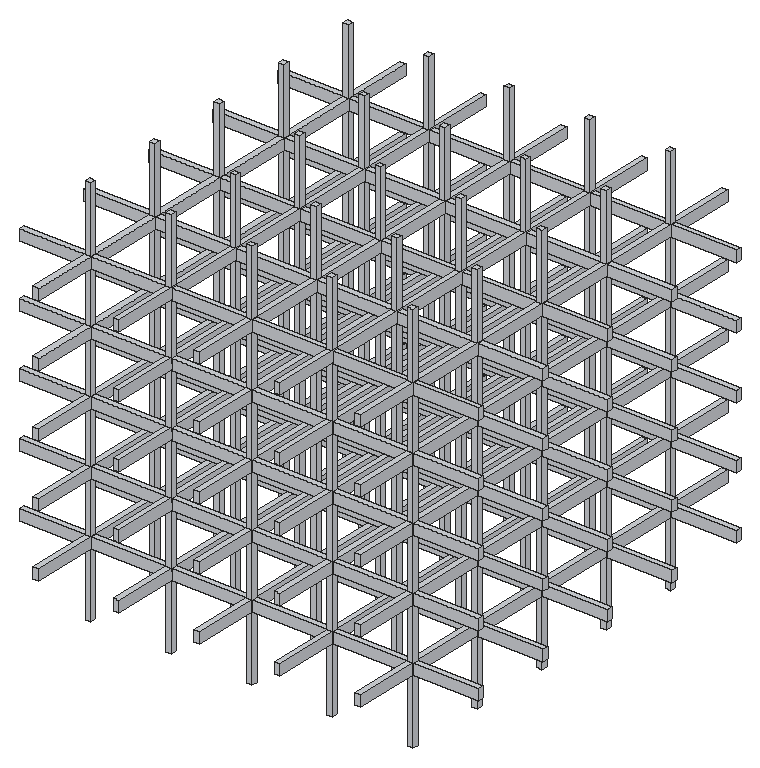
Revit family "3D_trellace", category Generic Models, Revit 2022
Family settings
  Can host rebar = No
  Round Connector Dimension = Use Diameter
  Part Type = Normal
  Work Plane-Based = No
  Always vertical = Yes
  Cut with Voids When Loaded = No
  Maintain Annotation Orientation = No
  Shared = No
  Room Calculation Point = No
Parameters
  Width Member Spacing [instance] = 2' - 0"
  Width [instance] = 10' - 0"
  Vertical Member Width [instance] = 0' - 2"
  Vertical Member No. [instance] = Width / Width Member Spacing  # 5
  Vertical Member Length [instance] = 0' - 2"
  Vertical Member Extension [instance] = 2' - 0"
  Length Member Spacing [instance] = 2' - 0"
  Length [instance] = 10' - 0"
  Horizontal Member Width = 0' - 2"
  Horizontal Member Extension [instance] = 4' - 0"
  Horizontal Member Height [instance] = 0' - 4"
  Horizontal Grid No. [instance] = Height / Height Member Spacing  # 5
  Height Member Spacing [instance] = 2' - 0"
  Height = 10' - 0"
  Final Height [instance] = Height + Vertical Member Extension  # 12' - 0"
  Default Elevation = 0' - 0"
Reference planes (in)
  plane 1 "Center (Front/Back)": y = 0
  plane 2: z = 0
  plane 3 "Center (Left/Right)": x = 0
  plane 4: y = 60
  plane 5: x = 60
  plane 6: y = -60
  plane 7: x = -60
  plane 8: z = 120
Dimensions and locks (in)
  equal spacing: plane 7, plane 3 "Center (Left/Right)", plane 5
  equal spacing: plane 4, plane 1 "Center (Front/Back)", plane 6
  "Length": plane 7 to plane 5
  "Width": plane 6 to plane 4
  "Height": plane 8 to level
  "Vertical Member Extension": nested 1 to level
  equal spacing: group 1, group 3, group 7, group 8, group 2  (x2)
  equal spacing: group 2, group 8, group 7, group 3, group 1
  equal spacing: group 4, group 6, group 9, group 10, group 5  (x3)
  aligned and locked: plane 2 to level
  aligned and locked: nested 1 to plane 1 "Center (Front/Back)"
  aligned and locked: nested 2 to plane 7
  aligned and locked: level to nested 2
  aligned and locked: level to nested 3
  aligned and locked: level to nested 4
  aligned and locked: nested 3 to plane 7
  aligned and locked: plane 6 to nested 3
  aligned and locked: plane 8 to nested 5
  aligned and locked: nested 5 to plane 3 "Center (Left/Right)"
  aligned and locked: plane 4 to nested 2
Nested families (in)
  nested 1: "horizontal_grid" at (0, 0, 24) x (0, -1, 0) z (0, 0, 1), type "horizontal_grid"
    with Width No. 5, Overhang Offset 4' - 0", Final Width 14' - 0", Final Length 14' - 0", Base Width 10' - 0", Length No. 5, Base Length 10' - 0"
  nested 2: "vertical_grid" at (-60, 59, 0), type "vertical_grid"
    with Width 10' - 0", No. 5, Mullion Width 0' - 2"
  nested 3: "vertical_grid" at (-60, -59, 0), type "vertical_grid"
    with Width 10' - 0", No. 5, Mullion Width 0' - 2"
  nested 4: "vertical_grid" at (-60, 29.5, 0), type "vertical_grid"
    with Width 10' - 0", No. 5, Mullion Width 0' - 2"
  nested 5: "horizontal_grid" at (0, 0, 116) x (0, -1, 0) z (0, 0, 1), type "horizontal_grid"
    with Width No. 5, Overhang Offset 4' - 0", Final Width 14' - 0", Final Length 14' - 0", Base Width 10' - 0", Length No. 5, Base Length 10' - 0"
  nested 6: "horizontal_grid" at (0, 0, 47) x (0, -1, 0) z (0, 0, 1), type "horizontal_grid"
    with Width No. 5, Overhang Offset 4' - 0", Final Width 14' - 0", Final Length 14' - 0", Base Width 10' - 0", Length No. 5, Base Length 10' - 0"
  nested 7: "vertical_grid" at (-60, 0, 0), type "vertical_grid"
    with Width 10' - 0", No. 5, Mullion Width 0' - 2"
  nested 8: "vertical_grid" at (-60, -29.5, 0), type "vertical_grid"
    with Width 10' - 0", No. 5, Mullion Width 0' - 2"
  nested 9: "horizontal_grid" at (0, 0, 70) x (0, -1, 0) z (0, 0, 1), type "horizontal_grid"
    with Width No. 5, Overhang Offset 4' - 0", Final Width 14' - 0", Final Length 14' - 0", Base Width 10' - 0", Length No. 5, Base Length 10' - 0"
  nested 10: "horizontal_grid" at (0, 0, 93) x (0, -1, 0) z (0, 0, 1), type "horizontal_grid"
    with Width No. 5, Overhang Offset 4' - 0", Final Width 14' - 0", Final Length 14' - 0", Base Width 10' - 0", Length No. 5, Base Length 10' - 0"
Definition of nested family "horizontal_grid"
  Parameters (values of type "horizontal_grid")
    Width Spacing = 2' - 0"
    Width No. = Base Width / Width Spacing  # 25
    Overhang Offset = 3' - 0"
    Final Width = Base Width + Overhang Offset  # 53' - 0"
    Final Length = Base Length + Overhang Offset  # 33' - 0"
    Base Width = 50' - 0"
    Mullion Width = 0' - 2"
    Mullion Height = 0' - 4"
    Length Spacing = 2' - 0"
    Length No. = Base Length / Length Spacing  # 15
    Base Length = 30' - 0"
    Default Elevation = 0' - 0"
  Reference planes (in)
    plane 1 "Center (Front/Back)": y = 0
    plane 2: z = 0
    plane 3 "Center (Left/Right)": x = 0
    plane 4: y = 180
    plane 5: x = 300
    plane 6: y = -180
    plane 7: x = -300
  Dimensions and locks (in)
    equal spacing: plane 7, plane 3 "Center (Left/Right)", plane 5
    equal spacing: plane 4, plane 1 "Center (Front/Back)", plane 6
    "Base Length": plane 4 to plane 6
    "Base Width": plane 7 to plane 5
    equal spacing: group 2, group 29, group 28, group 27, group 26, group 25, group 24, group 23, group 22, group 21, group 20, group 19, group 18, group 17, group 16, group 15, group 14, group 13, group 12, group 11, group 9, group 8, group 7, group 6, group 1
    equal spacing: group 1, group 6, group 7, group 8, group 9, group 11, group 12, group 13, group 14, group 15, group 16, group 17, group 18, group 19, group 20, group 21, group 22, group 23, group 24, group 25, group 26, group 27, group 28, group 29, group 2  (x2)
    equal spacing: group 3, group 5, group 10, group 30, group 31, group 32, group 33, group 34, group 35, group 36, group 37, group 38, group 39, group 40, group 4  (x2)
    equal spacing: group 4, group 40, group 39, group 38, group 37, group 36, group 35, group 34, group 33, group 32, group 31, group 30, group 10, group 5, group 3
    aligned and locked: plane 2 to level
    aligned and locked: nested 1 to plane 4
    aligned and locked: nested 3 to plane 1 "Center (Front/Back)"
    aligned and locked: nested 3 to plane 7
    aligned and locked: nested 4 to plane 3 "Center (Left/Right)"
    aligned and locked: nested 4 to plane 6
    aligned and locked: plane 3 "Center (Left/Right)" to nested 1
    aligned and locked: plane 1 "Center (Front/Back)" to nested 2
    aligned and locked: nested 2 to plane 5
  Nested families (in)
    nested 1: "single_member" at (0, 179, 0), type "Width Member"
      with Width 53' - 0", Length 0' - 2", Height 0' - 4"
    nested 2: "single_member" at (299, 0, 0), type "Length Member"
      with Width 0' - 2", Length 33' - 0", Height 0' - 4"
    nested 3: "single_member" at (-299, 0, 0), type "Length Member"
      with Width 0' - 2", Length 33' - 0", Height 0' - 4"
    nested 4: "single_member" at (0, -179, 0), type "Width Member"
      with Width 53' - 0", Length 0' - 2", Height 0' - 4"
    nested 5: "single_member" at (0, 153.42857, 0), type "Width Member"
      with Width 53' - 0", Length 0' - 2", Height 0' - 4"
    nested 6: "single_member" at (274.08333, 0, 0), type "Length Member"
      with Width 0' - 2", Length 33' - 0", Height 0' - 4"
    nested 7: "single_member" at (249.16667, 0, 0), type "Length Member"
      with Width 0' - 2", Length 33' - 0", Height 0' - 4"
    nested 8: "single_member" at (224.25, 0, 0), type "Length Member"
      with Width 0' - 2", Length 33' - 0", Height 0' - 4"
    nested 9: "single_member" at (199.33333, 0, 0), type "Length Member"
      with Width 0' - 2", Length 33' - 0", Height 0' - 4"
    nested 10: "single_member" at (0, 127.85714, 0), type "Width Member"
      with Width 53' - 0", Length 0' - 2", Height 0' - 4"
    nested 11: "single_member" at (174.41667, 0, 0), type "Length Member"
      with Width 0' - 2", Length 33' - 0", Height 0' - 4"
    nested 12: "single_member" at (149.5, 0, 0), type "Length Member"
      with Width 0' - 2", Length 33' - 0", Height 0' - 4"
    nested 13: "single_member" at (124.58333, 0, 0), type "Length Member"
      with Width 0' - 2", Length 33' - 0", Height 0' - 4"
    nested 14: "single_member" at (99.66667, 0, 0), type "Length Member"
      with Width 0' - 2", Length 33' - 0", Height 0' - 4"
    nested 15: "single_member" at (74.75, 0, 0), type "Length Member"
      with Width 0' - 2", Length 33' - 0", Height 0' - 4"
    nested 16: "single_member" at (49.83333, 0, 0), type "Length Member"
      with Width 0' - 2", Length 33' - 0", Height 0' - 4"
    nested 17: "single_member" at (24.91667, 0, 0), type "Length Member"
      with Width 0' - 2", Length 33' - 0", Height 0' - 4"
    nested 18: "single_member" at (0, 0, 0), type "Length Member"
      with Width 0' - 2", Length 33' - 0", Height 0' - 4"
    nested 19: "single_member" at (-24.91667, 0, 0), type "Length Member"
      with Width 0' - 2", Length 33' - 0", Height 0' - 4"
    nested 20: "single_member" at (-49.83333, 0, 0), type "Length Member"
      with Width 0' - 2", Length 33' - 0", Height 0' - 4"
    nested 21: "single_member" at (-74.75, 0, 0), type "Length Member"
      with Width 0' - 2", Length 33' - 0", Height 0' - 4"
    nested 22: "single_member" at (-99.66667, 0, 0), type "Length Member"
      with Width 0' - 2", Length 33' - 0", Height 0' - 4"
    nested 23: "single_member" at (-124.58333, 0, 0), type "Length Member"
      with Width 0' - 2", Length 33' - 0", Height 0' - 4"
    nested 24: "single_member" at (-149.5, 0, 0), type "Length Member"
      with Width 0' - 2", Length 33' - 0", Height 0' - 4"
    nested 25: "single_member" at (-174.41667, 0, 0), type "Length Member"
      with Width 0' - 2", Length 33' - 0", Height 0' - 4"
    nested 26: "single_member" at (-199.33333, 0, 0), type "Length Member"
      with Width 0' - 2", Length 33' - 0", Height 0' - 4"
    nested 27: "single_member" at (-224.25, 0, 0), type "Length Member"
      with Width 0' - 2", Length 33' - 0", Height 0' - 4"
    nested 28: "single_member" at (-249.16667, 0, 0), type "Length Member"
      with Width 0' - 2", Length 33' - 0", Height 0' - 4"
    nested 29: "single_member" at (-274.08333, 0, 0), type "Length Member"
      with Width 0' - 2", Length 33' - 0", Height 0' - 4"
    nested 30: "single_member" at (0, 102.28571, 0), type "Width Member"
      with Width 53' - 0", Length 0' - 2", Height 0' - 4"
    nested 31: "single_member" at (0, 76.71429, 0), type "Width Member"
      with Width 53' - 0", Length 0' - 2", Height 0' - 4"
    nested 32: "single_member" at (0, 51.14286, 0), type "Width Member"
      with Width 53' - 0", Length 0' - 2", Height 0' - 4"
    nested 33: "single_member" at (0, 25.57143, 0), type "Width Member"
      with Width 53' - 0", Length 0' - 2", Height 0' - 4"
    nested 34: "single_member" at (0, 0, 0), type "Width Member"
      with Width 53' - 0", Length 0' - 2", Height 0' - 4"
    nested 35: "single_member" at (0, -25.57143, 0), type "Width Member"
      with Width 53' - 0", Length 0' - 2", Height 0' - 4"
    nested 36: "single_member" at (0, -51.14286, 0), type "Width Member"
      with Width 53' - 0", Length 0' - 2", Height 0' - 4"
    nested 37: "single_member" at (0, -76.71429, 0), type "Width Member"
      with Width 53' - 0", Length 0' - 2", Height 0' - 4"
    nested 38: "single_member" at (0, -102.28571, 0), type "Width Member"
      with Width 53' - 0", Length 0' - 2", Height 0' - 4"
    nested 39: "single_member" at (0, -127.85714, 0), type "Width Member"
      with Width 53' - 0", Length 0' - 2", Height 0' - 4"
    nested 40: "single_member" at (0, -153.42857, 0), type "Width Member"
      with Width 53' - 0", Length 0' - 2", Height 0' - 4"
  Definition of nested family "single_member"
    Parameters
      Width = 3' - 0.59276"
      Length = 1' - 4.00369"
      Height = 5' - 3.60631"
      Default Elevation = 0' - 0"
    Reference planes (in)
      plane 1 "Center (Front/Back)": y = 0
      plane 2: z = 0
      plane 3 "Center (Left/Right)": x = 0
      plane 4: z = 63.60631
    Forms (in)
      Sweep 1, solid
        path origin (0, 0, 0) x (1, 0, 0) y (0, 0, 1)
          loop
            line (0, 0) -> (0, 63.60631)
        profile origin (0, 0, 31.80316) x (-1, 0, 0) y (0, -1, 0)
          loop
            line (18.29638, -8.00184) -> (18.29638, 8.00184) -> (-18.29638, 8.00184) -> (-18.29638, -8.00184) -> (18.29638, -8.00184)
    Dimensions and locks (in)
      "Height": plane 4 to level
      equal spacing: Sweep 1 sketch curve, profile plane, Sweep 1 sketch curve  (x2)
      "Length": Sweep 1 sketch curve to Sweep 1 sketch curve
      "Width": Sweep 1 sketch curve to Sweep 1 sketch curve
      aligned and locked: plane 2 to level
      aligned and locked: plane 4 to Sweep 1 sketch curve
      aligned and locked: level to Sweep 1 sketch curve
    Automatic sketch dimensions
      Sweep 1 sketch curve to plane 3 "Center (Left/Right)" = 0' - 0"
Definition of nested family "vertical_grid"
  Parameters (values of type "vertical_grid")
    Width = 6' - 0"
    Spacing = 2' - 0"
    No. = Width / Spacing  # 3
    Mullion Width = 0' - 4"
    Mullion Length = 0' - 2"
    Height = 12' - 0"
    Default Elevation = 0' - 0"
  Reference planes (in)
    plane 1 "Center (Front/Back)": y = 0
    plane 2: z = 0
    plane 3 "Center (Left/Right)": x = 0
    plane 4: z = 144
    plane 5: x = 72
  Dimensions and locks (in)
    "Height": plane 4 to level
    "Width": plane 3 "Center (Left/Right)" to plane 5
    equal spacing: group 1, group 3, group 2  (x3)
    aligned and locked: plane 2 to level
    aligned and locked: plane 1 "Center (Front/Back)" to nested 1
    aligned and locked: level to nested 1
    aligned and locked: nested 1 to plane 3 "Center (Left/Right)"
    aligned and locked: nested 2 to level
    aligned and locked: plane 5 to nested 2
  Nested families (in)
    nested 1: "single_member" at (1, 0, 0), type "single_member"
      with Width 0' - 2", Length 0' - 4", Height 12' - 0"
    nested 2: "single_member" at (71, 0, 0), type "single_member"
      with Width 0' - 2", Length 0' - 4", Height 12' - 0"
    nested 3: "single_member" at (36, 0, 0), type "single_member"
      with Width 0' - 2", Length 0' - 4", Height 12' - 0"
  Definition of nested family "single_member"
    Parameters
      Width = 3' - 0.59276"
      Length = 1' - 4.00369"
      Height = 5' - 3.60631"
      Default Elevation = 0' - 0"
    Reference planes (in)
      plane 1 "Center (Front/Back)": y = 0
      plane 2: z = 0
      plane 3 "Center (Left/Right)": x = 0
      plane 4: z = 63.60631
    Forms (in)
      Sweep 1, solid
        path origin (0, 0, 0) x (1, 0, 0) y (0, 0, 1)
          loop
            line (0, 0) -> (0, 63.60631)
        profile origin (0, 0, 31.80316) x (-1, 0, 0) y (0, -1, 0)
          loop
            line (18.29638, -8.00184) -> (18.29638, 8.00184) -> (-18.29638, 8.00184) -> (-18.29638, -8.00184) -> (18.29638, -8.00184)
    Dimensions and locks (in)
      "Height": plane 4 to level
      equal spacing: Sweep 1 sketch curve, profile plane, Sweep 1 sketch curve  (x2)
      "Length": Sweep 1 sketch curve to Sweep 1 sketch curve
      "Width": Sweep 1 sketch curve to Sweep 1 sketch curve
      aligned and locked: plane 2 to level
      aligned and locked: plane 4 to Sweep 1 sketch curve
      aligned and locked: level to Sweep 1 sketch curve
    Automatic sketch dimensions
      Sweep 1 sketch curve to plane 3 "Center (Left/Right)" = 0' - 0"
